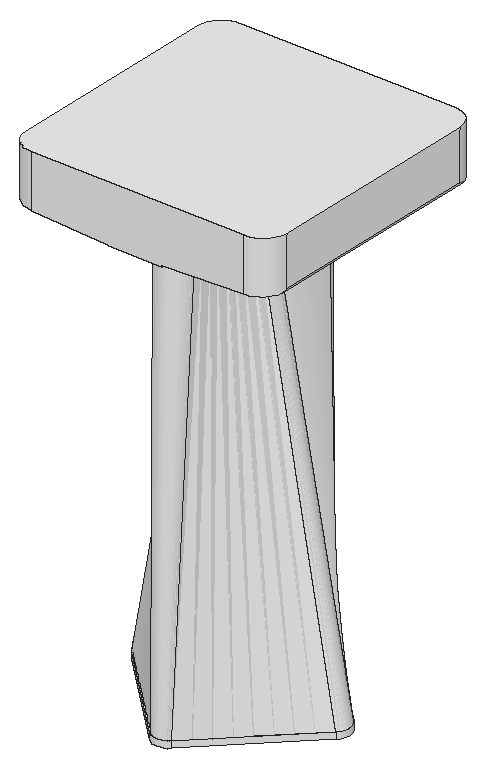
Revit family "Platek_Blend Bollard", category Apparecchi per illuminazione, Revit 2017
Family settings
  Quota connettore circolare = Usa diametro
  Tipo di parte = Normale
  Basato su piano di lavoro = No
  Sempre verticale = Sì
  Taglio con vuoti quando caricato = No
  Sorgente d'illuminazione = No
  Condiviso = No
  Punto di calcolo locali = No
Parameters (values of type "1640519_10W_LED_3000K_H300mm")
  URL = "www.platek.eu"
  Supply Voltage Min = 220 V
  Supply Voltage Max = 240 V
  Supply Voltage = 230 V
  Produttore = "PLATEK SRL"  # constant formula
  Product Page URL = "http://www.platek.eu/ita/catalogo.php?catseaname=blend"
  Product Documentation Link = "http://www.platek.eu/ita/catalogo.php?catseaname=blend"
  Product Dimension = "L160mm x L160mm x H300mm"
  Power Supply Unit = "Included"
  PLK = PLK_Photometrics_1640519 : PLK_Photometrics_1640519
  PLATEK FInishes = "Painted Aluminium, Avalaible in Grey/White/Bronze/Black/Anthracite"
  PLATEK Article Code = "1640519"
  Nota chiave = "Other Led colors available on request"
  Mounting Type = "Ground"
  Modello = "BLEND BOLLARD"  # constant formula
  Manufacturer Comment = "Weight 3,5 Kg"
  Luminaire Wattage = 10 W
  Luminaire Luminous Intensity = 266 cd
  Luminaire Luminous Flux = 720 lm
  Light Source = PLK_Light Source
  Lampada = "LED"
  LED Protection = "Surge protection included"
  Insulation Class = "1"
  Immagine tipo = blend_paletto_300_2.jpg
  IP Rating = "IP65"
  IK Rating = "IK10"
  Height 300_900 = yes
  Heght [instance] = if(Height 300_900, 309 mm, 900 mm)  # 309 mm
  Frequency = "50/60 Hz"
  Energy Efficiency Rating = "A/A+/A++"
  Dimmable = "On Request"
  Diffuse Type = "PMMA"
  Descrizione = "Outdoor Lighting, Floor/Ground Illumination"
  Commenti sul tipo = "Pedestrian areas, Urban zones, Paths, Roads"
  Colour Temperature = 3000 K
  Codice assieme = "1640519.06(Grey); 1640519.08(Anthracite); 1640519.01(Black); 1640519.02(White); 1640519.07(Corten); 1640519.09(Bronze)"
  Carico apparente = 0 VA
  Cable Lenght = ""
  CRI = ">80"
  Body = PLK_06_Grey
  Angolo di inclinazione = 0.00°
  Aluminium = PLK_Aluminium
Types (3, lengths in mm): name | Product Dimension | PLK | PLATEK Article Code | Manufacturer Comment | Luminaire Wattage | Luminaire Luminous Intensity | Luminaire Luminous Flux | Lampada | Immagine tipo | Height 300_900 | Heght | Dimmable | Codice assieme | Angolo di inclinazione
  (no name) | "L160mm x L160mm x H300mm" | PLK_Photometrics_1640519 : PLK_Photometrics_1640519 | "1640519" | "Weight 3,5 Kg" | 10 W | 266 cd | 720 lm | "LED" | blend_paletto_300_2.jpg | yes | 309 | "On Request" | "1640519.06(Grey); 1640519.08(Anthracite); 1640519.01(Black); 1640519.02(White); 1640519.07(Corten); 1640519.09(Bronze)" | 0.00°
  1640519_10W_LED_3000K_H300mm | "L160mm x L160mm x H300mm" | PLK_Photometrics_1640519 : PLK_Photometrics_1640519 | "1640519" | "Weight 3,5 Kg" | 10 W | 266 cd | 720 lm | "LED" | blend_paletto_300_2.jpg | yes | 309 | "On Request" | "1640519.06(Grey); 1640519.08(Anthracite); 1640519.01(Black); 1640519.02(White); 1640519.07(Corten); 1640519.09(Bronze)" | 0.00°
  1640619_19,5W_LED_3000K_900mm | "L160mm x L160mm x H900mm" | PLK_Photometrics_1640619 : PLK_Photometrics_1640619 | "1640619" | "Weight 8 Kg" | 19.5 W | 1449.6 cd | 1300 lm | "2 LED" | blend_paletto_900_1.jpg | no | 900 | "On request" | "1640619.06(Grey); 1640619.08(Anthracite); 1640619.01(Black); 1640619.02(White); 1640619.07(Corten); 1640619.09(Bronze)" | 90.00°
Reference planes
  plane 1 "Centro (Fronte/Retro)": y = 20.25
  plane 2: z = 0
  plane 3 "Centro (Sinistra/Destra)": x = 0
  plane 4: y = 80.5
  plane 5: y = -40
  plane 6: x = -66.57
  plane 7: x = 66.567
  plane 8: y = 90.495
  plane 9: y = -49.995
  plane 10: z = 4
  plane 11: z = 274.088
  plane 12: y = 800.492
  plane 13: x = 11.5
  plane 14: y = 86.381
  plane 15: y = -46.025
  plane 16: x = -79.897
  plane 17: x = 79.848
  plane 18: z = 308.152
  plane 19: y = 100.234
  plane 20: y = -59.734
  plane 21: z = 309
  plane 22: x = -11.5
  plane 23: y = -30
  plane 24: y = 70.5
  plane 25: x = -16.5
  plane 26: x = 16.5
  plane 27: y = 25.25
  plane 28: y = 15.25
  plane 29: x = -65.367
  plane 30: x = 65.367
  plane 31: z = 282.088
  plane 32: x = -27.885
  plane 33: x = 27.885
  plane 34: x = 46.769
  plane 35: x = -46.769
Forms (mm)
  Extrusion 1, solid, material "PLK_06_Grey" <- "Body", detail levels fine
    sketch origin (0, 0, 100) x (-1, 0, 0) y (0, -1, 0)
      loop
        arc (65.072, -100.356) -> (75.547, -96.017) -> (79.885, -85.543) r 14.813
        line (79.885, -85.543) -> (79.885, 44.863)
        arc (79.885, 44.863) -> (75.504, 55.441) -> (64.926, 59.822) r 14.959
        line (64.926, 59.822) -> (-64.781, 59.822)
        arc (-64.781, 59.822) -> (-75.002, 55.862) -> (-79.887, 46.049) r 15.17
        line (-79.887, 46.049) -> (-79.887, -86.437)
        arc (-79.887, -86.437) -> (-75.192, -96.334) -> (-65.002, -100.356) r 14.918
        line (-65.002, -100.356) -> (65.072, -100.356)
    from 174.088 to 209
  Extrusion 2, void
    sketch origin (0, 0, 100) x (-1, 0, 0) y (0, -1, 0)
      loop
        line (27.905, -80.5) -> (27.905, -82.483)
        arc (27.905, -82.483) -> (28.792, -85.213) -> (31.414, -86.381) r 3.529
        line (31.414, -86.381) -> (62.123, -86.381)
        arc (62.123, -86.381) -> (64.954, -85.208) -> (66.127, -82.376) r 4.004
        line (66.127, -82.376) -> (66.127, -80.5) -> (66.127, 41.58)
        arc (66.127, 41.58) -> (65.115, 44.693) -> (62.125, 46.025) r 4.025
        line (62.125, 46.025) -> (32.082, 46.025)
        arc (32.082, 46.025) -> (29.128, 44.801) -> (27.905, 41.847) r 4.177
        line (27.905, 41.847) -> (27.905, -80.5)
    from 174.088 to 182.088
  Extrusion 3, void
    sketch origin (0, 20.25, 0) x (-1, 0, 0) y (0, 0, -1)
      loop
        arc (-79.893, -278.918) -> (-79.453, -277.857) -> (-78.393, -277.418) r 1.5
        line (-78.393, -277.418) -> (-15.46, -274.83)
        arc (-15.46, -274.83) -> (-14.937, -274.613) -> (-14.72, -274.089) r 0.741
        line (-14.72, -274.089) -> (-79.893, -274.089) -> (-79.893, -278.918)
    from -113.226 to 111.77
  Extrusion 4, void
    sketch origin (0.007, 21.007, 0.25) x (1, 0, 0) y (0, 0, -1)
      loop
        arc (-79.893, -278.918) -> (-79.453, -277.857) -> (-78.393, -277.418) r 1.5
        line (-78.393, -277.418) -> (-18.313, -274.62)
        arc (-18.313, -274.62) -> (-17.76, -274.391) -> (-17.531, -273.838) r 0.782
        line (-17.531, -273.838) -> (-79.893, -273.838) -> (-79.893, -278.918)
    from -113.226 to 111.77
  Blend 5, solid, material "PLK_06_Grey" <- "Body", detail levels medium+fine
    base sketch origin (0, 0, 100) x (-1, 0, 0) y (0, -1, 0)
      loop
        line (11.5, -70.5) -> (11.5, -25.25)
        arc (11.5, -25.25) -> (11.962, -20.25) -> (11.5, -15.25) r 27.263
        line (11.5, -15.25) -> (11.5, 30)
        arc (11.5, 30) -> (0, 41.5) -> (-11.5, 30) r 11.5
        line (-11.5, 30) -> (-11.5, -15.25)
        arc (-11.5, -15.25) -> (-11.885, -20.375) -> (-11.5, -25.5) r 34.29
        line (-11.5, -25.5) -> (-11.5, -70.5)
        arc (-11.5, -70.5) -> (0, -82) -> (11.5, -70.5) r 11.5
    top sketch origin (0, 0, 100) x (-1, 0, 0) y (0, -1, 0)
      loop
        line (6.656, -82.456) -> (62.325, -26.787)
        arc (62.325, -26.787) -> (65.033, -20.25) -> (62.325, -13.713) r 9.245
        line (62.325, -13.713) -> (6.621, 41.992)
        arc (6.621, 41.992) -> (0.001, 44.734) -> (-6.619, 41.992) r 9.362
        line (-6.619, 41.992) -> (-62.318, -13.708)
        arc (-62.318, -13.708) -> (-65.024, -20.241) -> (-62.318, -26.774) r 9.239
        line (-62.318, -26.774) -> (-6.636, -82.456)
        arc (-6.636, -82.456) -> (0.01, -85.209) -> (6.656, -82.456) r 9.398
    from 174.088 to -96
  Extrusion 6, solid, material "PLK_06_Grey" <- "Body", detail levels medium+fine
    sketch origin (0, 0, 100) x (-1, 0, 0) y (0, -1, 0)
      loop
        line (6.571, -82.8) -> (62.64, -26.731)
        arc (62.64, -26.731) -> (65.348, -20.194) -> (62.64, -13.657) r 9.245
        line (62.64, -13.657) -> (6.634, 42.349)
        arc (6.634, 42.349) -> (0.014, 45.091) -> (-6.605, 42.349) r 9.362
        line (-6.605, 42.349) -> (-62.704, -13.75)
        arc (-62.704, -13.75) -> (-65.41, -20.283) -> (-62.704, -26.816) r 9.239
        line (-62.704, -26.816) -> (-6.72, -82.8)
        arc (-6.72, -82.8) -> (-0.074, -85.552) -> (6.571, -82.8) r 9.398
    from -100 to -96
  Extrusion 7, void
    sketch origin (0, 0, 100) x (1, 0, 0) y (0, 1, 0)
      loop
        line (27.905, 80.5) -> (27.905, -41.847)
        arc (27.905, -41.847) -> (29.128, -44.801) -> (32.082, -46.025) r 4.177
        line (32.082, -46.025) -> (62.125, -46.025)
        arc (62.125, -46.025) -> (65.115, -44.693) -> (66.127, -41.58) r 4.025
        line (66.127, -41.58) -> (66.127, 80.5) -> (66.127, 82.376)
        arc (66.127, 82.376) -> (64.954, 85.208) -> (62.123, 86.381) r 4.004
        line (62.123, 86.381) -> (31.414, 86.381)
        arc (31.414, 86.381) -> (28.792, 85.213) -> (27.905, 82.483) r 3.529
        line (27.905, 82.483) -> (27.905, 80.5)
    from 174.088 to 182.088
  Extrusion 8, solid, material "PLK_Light Source" <- "Light Source", detail levels fine
    sketch origin (0, 20.25, 0) x (1, 0, 0) y (0, 0, 1)
      loop
        line (-27.885, 275.316) -> (-27.885, 277.294) -> (-66.127, 278.93) -> (-66.127, 277.097) -> (-27.885, 275.316)
    from -66.131 to 66.275
  Extrusion 9, solid, material "PLK_Light Source" <- "Light Source", detail levels fine
    sketch origin (0, 20.25, 0) x (-1, 0, 0) y (0, 0, -1)
      loop
        line (-27.885, -275.316) -> (-66.127, -277.097) -> (-66.127, -278.93) -> (-27.885, -277.294) -> (-27.885, -275.316)
    from -66.131 to 66.275
  Extrusion 10, solid, material "PLK_06_Grey" <- "Body", detail levels medium
    sketch origin (0, 0, 100) x (-1, 0, 0) y (0, -1, 0)
      loop
        line (79.897, -100.234) -> (79.897, 59.734) -> (-79.848, 59.734) -> (-79.848, -100.234) -> (79.897, -100.234)
    from 174.088 to 209
  Extrusion 11, solid, material "PLK_06_Grey" <- "Body", detail levels coarse
    sketch origin (0, 0, 100) x (-1, 0, 0) y (0, -1, 0)
      loop
        line (79.897, -100.234) -> (79.897, 59.734) -> (-79.848, 59.734) -> (-79.848, -100.234) -> (79.897, -100.234)
    from -100 to 209
Cuts and joins
  Extrusion 2, Extrusion 3, Extrusion 4, Extrusion 7 cuts Extrusion 1
  Extrusion 4 cuts Extrusion 8
Dimensions and locks
  equal spacing: plane 4, plane 1 "Centro (Fronte/Retro)", plane 5, locked at 60.25 each
  plane 3 "Centro (Sinistra/Destra)" to plane 13 = 11.5 mm  (x2)
  locked: plane 20 to plane 19 at 159.968
  locked: plane 4 to plane 5 at 120.5
  plane 11 to plane 10 = 270.088 mm
  locked: plane 10 to plane 2 at 4
  "Heght": plane 21 to plane 2
  plane 21 to plane 18 to plane 31 to plane 11 = 0.848 mm locked, 26.064 mm locked, 8 mm locked
  plane 16 to plane 6 to plane 29 to plane 35 to plane 32 to plane 22 to plane 13 to plane 33 to plane 34 to plane 30 to plane 7 to plane 17 = 13.327 mm locked, 1.203 mm locked, 18.598 mm locked, 18.883 mm locked, 16.385 mm locked, 23 mm locked, 16.385 mm locked, 18.883 mm locked, 18.599 mm locked, 1.2 mm locked, 13.281 mm locked
  aligned and locked: level to plane 2
  aligned and locked: plane 1 "Centro (Fronte/Retro)" to import instance
  aligned and locked: import instance to plane 2
  aligned and locked: Extrusion 1 to plane 11
  aligned and locked: plane 21 to Extrusion 1
  aligned and locked: Blend 5 to plane 10
  aligned and locked: plane 11 to Blend 5
  aligned and locked: Extrusion 6 to plane 2
  aligned and locked: plane 10 to Extrusion 6
  aligned and locked: plane 31 to Extrusion 2
  aligned and locked: Extrusion 7 to plane 11
  aligned and locked: plane 31 to Extrusion 7
  aligned and locked: Extrusion 2 to plane 11
  aligned and locked: Extrusion 8 to plane 14
  aligned and locked: plane 15 to Extrusion 8
  aligned and locked: plane 19 to Extrusion 10 sketch curve
  aligned and locked: Extrusion 10 sketch curve to plane 16
  aligned and locked: Extrusion 10 sketch curve to plane 20
  aligned and locked: plane 17 to Extrusion 10 sketch curve
  aligned and locked: plane 21 to Extrusion 10
  aligned and locked: Extrusion 10 to plane 11
  aligned and locked: Extrusion 11 sketch curve to Extrusion 10  (x4)
  aligned and locked: Extrusion 11 to plane 2
  aligned and locked: plane 21 to Extrusion 11
  aligned and locked: plane 3 "Centro (Sinistra/Destra)" to nested 1
  aligned and locked: plane 1 "Centro (Fronte/Retro)" to nested 1
Automatic sketch dimensions
  Extrusion 1 sketch curve to plane 17 = 0.038 mm
  Extrusion 1 sketch curve to plane 30 = 0.365 mm
  plane 20 to Extrusion 1 sketch curve = 0.088 mm
  Extrusion 1 sketch curve to plane 30 = 0.586 mm
  Extrusion 1 sketch curve to plane 29 = 0.44 mm
  Extrusion 1 sketch curve to plane 19 = 0.122 mm
  Extrusion 1 sketch curve to plane 29 = 0.295 mm
  Extrusion 1 sketch curve to plane 16 = 0.011 mm
  Extrusion 1 sketch curve to plane 14 = 0.056 mm
  Extrusion 1 sketch curve to Extrusion 1 sketch curve = 15.17 mm
  Extrusion 2 sketch curve to plane 4 = 0 mm  (x2)
  plane 14 to Extrusion 2 sketch curve = 0 mm
  plane 15 to Extrusion 2 sketch curve = 0 mm
  Extrusion 2 sketch curve to plane 25 = 11.405 mm
  plane 4 to Extrusion 2 sketch curve = 2.352 mm
  Extrusion 2 sketch curve to Extrusion 2 sketch curve = 3.509 mm
  Extrusion 2 sketch curve to Extrusion 2 sketch curve = 4.177 mm
  Extrusion 2 sketch curve to plane 29 = 3.244 mm
  Extrusion 2 sketch curve to plane 5 = 2 mm
  Extrusion 2 sketch curve to plane 29 = 3.242 mm
  plane 6 to Extrusion 2 sketch curve = 0.443 mm
  Extrusion 3 sketch curve to plane 11 = 0.001 mm
  plane 17 to Extrusion 3 sketch curve = 0.044 mm
  Extrusion 3 sketch curve to plane 17 = 1.456 mm
  plane 26 to Extrusion 3 sketch curve = 1.04 mm
  Extrusion 3 sketch curve to Extrusion 3 sketch curve = 0.741 mm
  Extrusion 3 sketch curve to plane 11 = 3.33 mm
  Extrusion 4 sketch curve to plane 11 = 0 mm
  Extrusion 4 sketch curve to plane 16 = 0.011 mm
  Extrusion 4 sketch curve to plane 16 = 1.511 mm
  plane 11 to Extrusion 4 sketch curve = 0.782 mm
  Extrusion 4 sketch curve to plane 25 = 1.805 mm
  plane 11 to Extrusion 4 sketch curve = 3.58 mm
  plane 1 "Centro (Fronte/Retro)" to Blend 5 sketch curve = 0 mm  (x2)
  Blend 5 sketch curve to plane 13 = 0 mm  (x2)
  Blend 5 sketch curve to plane 3 "Centro (Sinistra/Destra)" = 0 mm  (x2)
  Blend 5 sketch curve to plane 24 = 0 mm
  Blend 5 sketch curve to plane 27 = 0 mm
  Blend 5 sketch curve to plane 28 = 0 mm
  Blend 5 sketch curve to plane 23 = 0 mm
  Blend 5 sketch curve to plane 26 = 1.2 mm
  Blend 5 sketch curve to plane 1 "Centro (Fronte/Retro)" = 0.125 mm
  Blend 5 sketch curve to plane 25 = 5.905 mm
  Blend 5 sketch curve to plane 28 = 1.542 mm
  Blend 5 sketch curve to plane 30 = 3.049 mm  (x2)
  plane 27 to Blend 5 sketch curve = 1.524 mm
  Blend 5 sketch curve to Blend 5 sketch curve = 6.533 mm
  plane 4 to Blend 5 sketch curve = 1.956 mm  (x2)
  Blend 5 sketch curve to plane 13 = 4.864 mm
  Blend 5 sketch curve to plane 5 = 1.992 mm  (x2)
  Blend 5 sketch curve to plane 13 = 4.881 mm
  Blend 5 sketch curve to plane 3 "Centro (Sinistra/Destra)" = 0.001 mm
  Blend 5 sketch curve to plane 3 "Centro (Sinistra/Destra)" = 0.01 mm
  Blend 5 sketch curve to plane 29 = 9.578 mm
  Blend 5 sketch curve to plane 29 = 3.041 mm  (x2)
  Blend 5 sketch curve to plane 4 = 4.689 mm
  plane 27 to Blend 5 sketch curve = 1.537 mm
  plane 5 to Blend 5 sketch curve = 4.628 mm
  Extrusion 6 sketch curve to plane 30 = 2.664 mm  (x2)
  Extrusion 6 sketch curve to plane 28 = 1.5 mm
  Extrusion 6 sketch curve to plane 1 "Centro (Fronte/Retro)" = 0.033 mm
  Extrusion 6 sketch curve to plane 30 = 9.197 mm
  plane 4 to Extrusion 6 sketch curve = 2.3 mm  (x2)
  Extrusion 6 sketch curve to plane 13 = 4.78 mm
  Extrusion 6 sketch curve to plane 5 = 2.349 mm  (x2)
  Extrusion 6 sketch curve to plane 13 = 4.895 mm
  plane 3 "Centro (Sinistra/Destra)" to Extrusion 6 sketch curve = 0.074 mm
  Extrusion 6 sketch curve to plane 3 "Centro (Sinistra/Destra)" = 0.014 mm
  plane 1 "Centro (Fronte/Retro)" to Extrusion 6 sketch curve = 0.056 mm
  Extrusion 6 sketch curve to plane 29 = 9.264 mm
  Extrusion 6 sketch curve to plane 29 = 2.727 mm  (x2)
  Extrusion 6 sketch curve to plane 4 = 4.346 mm
  plane 27 to Extrusion 6 sketch curve = 1.481 mm
  plane 5 to Extrusion 6 sketch curve = 4.271 mm
  Extrusion 7 sketch curve to plane 4 = 0 mm  (x2)
  plane 14 to Extrusion 7 sketch curve = 0 mm
  plane 15 to Extrusion 7 sketch curve = 0 mm
  plane 26 to Extrusion 7 sketch curve = 11.405 mm
  plane 4 to Extrusion 7 sketch curve = 2.352 mm
  Extrusion 7 sketch curve to Extrusion 7 sketch curve = 3.509 mm
  Extrusion 7 sketch curve to Extrusion 7 sketch curve = 4.177 mm
  Extrusion 7 sketch curve to plane 30 = 3.244 mm
  Extrusion 7 sketch curve to plane 5 = 2 mm
  Extrusion 7 sketch curve to plane 30 = 3.242 mm
  Extrusion 7 sketch curve to plane 7 = 0.44 mm
  plane 6 to Extrusion 8 sketch curve = 0.443 mm
  plane 11 to Extrusion 8 sketch curve = 3.205 mm
  Extrusion 8 sketch curve to plane 25 = 11.385 mm
  plane 11 to Extrusion 8 sketch curve = 3.009 mm
  plane 11 to Extrusion 8 sketch curve = 1.228 mm
  Extrusion 8 sketch curve to Extrusion 8 sketch curve = 1.833 mm
  plane 7 to Extrusion 9 sketch curve = 0.44 mm
  Extrusion 9 sketch curve to plane 11 = 3.205 mm
  Extrusion 9 sketch curve to plane 26 = 11.385 mm
  Extrusion 9 sketch curve to plane 11 = 3.009 mm
  Extrusion 9 sketch curve to plane 11 = 1.228 mm
  Extrusion 9 sketch curve to Extrusion 9 sketch curve = 1.833 mm
Nested families
  nested 1: "PLK_Photometrics_1640519" at (0, 20.25, 274.088) x (-1, 0, 0) z (0, 0, 1), type <- "PLK", type "PLK_Photometrics_1640519"
Connectors
  electrical at (0.031, 20.232, 0)
    settings: on Extrusion 6, index 1, voltage 0 V, apparent load 0 VA, apparent load phase1 0 VA, apparent load phase2 0 VA, apparent load phase3 0 VA, power factor 1, load classification "Altro", number of poles 1, system type 31, power factor state 1, is connector primary yes, connector utility no, sub classification motor no, connector description ""
Definition of nested family "PLK_Photometrics_1640519"
  Parameters (values of type "PLK_Photometrics_1640519")
    Wattage = 4.84712 W
    Dimming Lamp Color Temperature Shift = (empty or 0)
    built-in parameter 1150107 = 3000 (stored number, unit not read)
    Emit Shape Visible in Rendering = no
    Default Elevation = 1219.2 mm
    Manufacturer = "PLATEK SRL"  # constant formula
    built-in parameter 1150110 = 1 (stored number, unit not read)
    built-in parameter 1150109 = 1 (stored number, unit not read)
    built-in parameter 1114218 = 1 (stored number, unit not read)
    built-in parameter 1150112 = 1 (stored number, unit not read)
    built-in parameter 1150137 = (empty or 0)
    built-in parameter 1150132 = 2
    built-in parameter 1150105 = 57.296 (stored number, unit not read)
    built-in parameter 1150102 = (empty or 0)
    built-in parameter 1150106 = 0.57296 (stored number, unit not read)
    Lumens = 720 lm
    Color Filter = 16777215
    Photometric Web File = "1640519.IES"
    built-in parameter 1114217 = 1 (stored number, unit not read)
    built-in parameter 1150139 = (empty or 0)
    Emit from Rectangle Length = 132 mm  # constant formula
    Emit from Rectangle Width = 132 mm  # constant formula
    built-in parameter 1150104 = 13.8 (stored number, unit not read)
    built-in parameter 1150115 = 1 (stored number, unit not read)
    built-in parameter 1150114 = 1 (stored number, unit not read)
    built-in parameter 1150113 = 1 (stored number, unit not read)
    built-in parameter 1150134 = (empty or 0)
    built-in parameter 1150138 = (empty or 0)
    Tilt Angle = 90.00°
    built-in parameter 1150133 = 10 (stored number, unit not read)
  Reference planes
    plane 1 "Centro (Fronte/Retro)": y = 0
    plane 2: z = 0
    plane 3 "Centro (Sinistra/Destra)": x = 0
  Dimensions and locks
    aligned and locked: level to plane 2
    aligned and locked: plane 3 "Centro (Sinistra/Destra)" to imposter light
    aligned and locked: plane 1 "Centro (Fronte/Retro)" to imposter light
